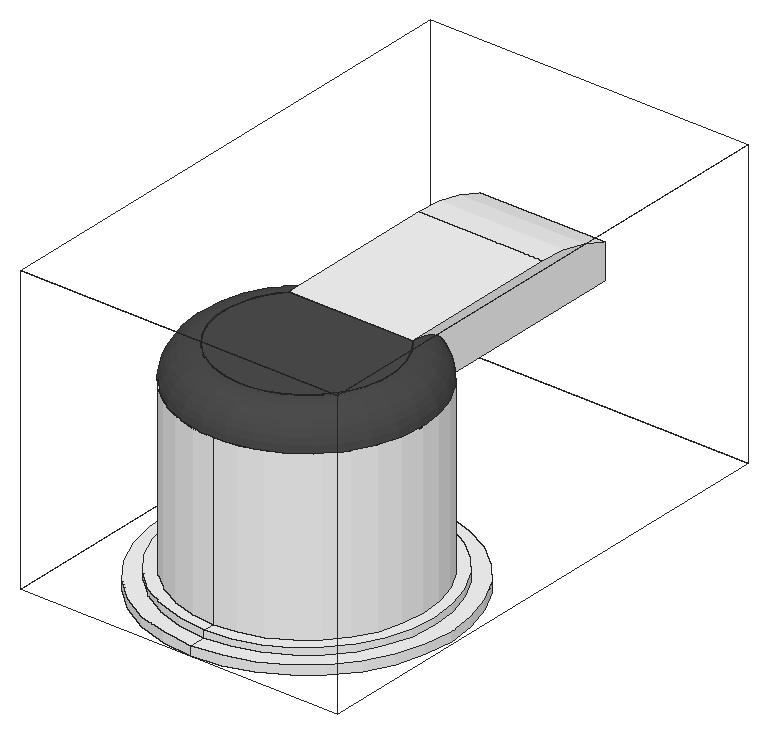
Revit family "Rax 200 U19 - Generic", category Lighting Fixtures, Revit 2014
Parameters (values of type "Rax 200 U19")
  Wattage Comments = ""
  WarrantyGuarantorParts = "n/a"
  WarrantyDurationParts = "n/a"
  WarrantyDescription = "n/a"
  Visible [instance] = yes
  Version = "v.1.0"
  Uniclass2 = "Pr_70_70_49_43 Light-Emitting Diode (LED) Luminaires"
  Uniclass 1.4 = "JY73"
  URL = "http://riegens.co.uk/rax-200-u19"
  Type Mark = ""
  Transformer Length = 230 mm
  TotalWattage = "Max. 17W / 23W / 31W"
  TagNumber = "n/a"
  Switch ID [instance] = ""
  SustainabilityPerformance = "n/a"
  SupplyCircuitConductorConnections = "n/a"
  Size = "Ø200 mm"
  Shape = "Circle"
  ProductInformation = "http://riegens.co.uk/rax-200-u19"
  PhotometricPerformance = "In accordance with BS EN 13032-1"
  PhaseReference = "IEC recommendations"
  Panel [instance] = ""
  Optic = "Satin-matt reflector"
  OmniClass Title = "Luminaries for Internal Lighting"
  OmniClass Number = "23.80.70.11"
  NominalVoltage = "220-240V"
  Moves With Nearby Elements [instance] = no
  ModelReference = "Rax 200 U19"
  Model = "Rax 200 U19"
  Material = "Galvanized steel, aluminium and flame retardant PC"
  Mark [instance] = "1"
  ManufacturersSpecificInformation = "n/a"
  ManufacturerURL = "www.riegens.com"
  Manufacturer = "Riegens A/S"
  LuminaireType = "Recessed Direct LED Luminaire"
  LuminairePowerFactor = ">0,9"
  LightSource = "LED 3000K / 4000K"
  LightFixturePlacingType = "Ceiling"
  LightFixtureMountingType = "Recessed"
  Light Source Definition (family) = "Circle+HemiSpherical"
  LampType = "LED"
  LampRating = "15W / 21W / 29W"
  LampColourRenderingIndex = "Ra>80 / Ra>90"
  Lamp = ""
  InternalFuse = "Only required in emergency versions"
  InsulationStandardClass = "Class 1"
  IfcExportType = "NOTDEFINED'"
  IfcExportAs = "IfcLightFixtureType'"
  IP_Code = "IP20"
  Height 1 = 160 mm
  HasProtectiveEarth = "TRUE"
  Grade = "n/a"
  Frame = Riegens_Aluminum_powder coated white gloss 25
  Finish = "Powder coated"
  Features = "n/a"
  Electrical Data [instance] = ""
  Documentation = "See URL hyperlink"
  DocumentReference = "See URL hyperlink"
  Diameter 1 = 223.038 mm
  Description = "70-80-35 General Lighting Systems"
  ControlGearPosition = "Integrated "
  Constituents = "n/a"
  Comments [instance] = ""
  Colour = "White, black, galvanized steel"
  built-in parameter 1114216 [instance] = (empty or 0)
  CodePerformance = "n/a"
  Clearance Zones = yes
  Circuit Number [instance] = ""
  built-in parameter 1140040 [instance] = (empty or 0)
  CCSTopnode = "L"
  CCSClassName = "Belysningsarmatur"
  CCSClassCode = "UAC"
  BarCode = "n/a"
  BallastsCELMAEnergyEfficiencyIndex = "Class A1/A2"
  BSAB 96 = "SNB.2"
  BIMObjectName = "Rax 200 U19.rfa"
  Author = "3dbyggeri"
  AssetType = "Moveable/Fixed"
  AssetIdentifier = "n/a"
  Assembly Description = ""
  Assembly Code = ""
  ArticleNumber = "See URL hyperlink"
  Apparent Load = 240 VA
  AccessibilityPerformance = "n/a"
Types (2, lengths in mm): name | WarrantyGuarantorParts | WarrantyDurationParts | WarrantyDescription | Version | Uniclass2 | Uniclass 1.4 | URL | Transformer Length | TotalWattage | TagNumber | SustainabilityPerformance | SupplyCircuitConductorConnections | Size | Shape | ProductInformation | PhotometricPerformance | PhaseReference | Optic | NominalVoltage | ModelReference | Model | Material | ManufacturersSpecificInformation | ManufacturerURL | Manufacturer | LuminaireType | LuminairePowerFactor | LightSource | LightFixturePlacingType | LightFixtureMountingType | LampType | LampRating | LampColourRenderingIndex | InternalFuse | InsulationStandardClass | IfcExportType | IfcExportAs | IP_Code | HasProtectiveEarth | Grade | Frame | Finish | Features | Documentation | DocumentReference | Description | ControlGearPosition | Constituents | Colour | CodePerformance | CCSTopnode | CCSClassName | CCSClassCode | BarCode | BallastsCELMAEnergyEfficiencyIndex | BSAB 96 | BIMObjectName | Author | AssetType | AssetIdentifier | ArticleNumber | AccessibilityPerformance
  Standard | "" | "" | "" | "" | "" | "" | 0 | 0 | "" | "" | "" | "" | "" | "" | "" | "" | "" | "" | "" | "" | 0 | "" | "" | "" | 0 | "" | "" | "" | "" | "" | "" | "" | "" | "" | "" | "" | "" | "" | "" | "" | none | "" | "" | "" | "" | 0 | "" | "" | "" | "" | "" | "" | "" | "" | "" | "" | "" | "" | "" | "" | "" | ""
  Rax 200 U19 | "n/a" | "n/a" | "n/a" | "v.1.0" | "Pr_70_70_49_43 Light-Emitting Diode (LED) Luminaires" | "JY73" | "http://riegens.co.uk/rax-200-u19" | 230 | "Max. 17W / 23W / 31W" | "n/a" | "n/a" | "n/a" | "Ø200 mm" | "Circle" | "http://riegens.co.uk/rax-200-u19" | "In accordance with BS EN 13032-1" | "IEC recommendations" | "Satin-matt reflector" | "220-240V" | "Rax 200 U19" | "Rax 200 U19" | "Galvanized steel, aluminium and flame retardant PC" | "n/a" | "www.riegens.com" | "Riegens A/S" | "Recessed Direct LED Luminaire" | ">0,9" | "LED 3000K / 4000K" | "Ceiling" | "Recessed" | "LED" | "15W / 21W / 29W" | "Ra>80 / Ra>90" | "Only required in emergency versions" | "Class 1" | "NOTDEFINED'" | "IfcLightFixtureType'" | "IP20" | "TRUE" | "n/a" | Riegens_Aluminum_powder coated white gloss 25 | "Powder coated" | "n/a" | "See URL hyperlink" | "See URL hyperlink" | "70-80-35 General Lighting Systems" | "Integrated " | "n/a" | "White, black, galvanized steel" | "n/a" | "L" | "Belysningsarmatur" | "UAC" | "n/a" | "Class A1/A2" | "SNB.2" | "Rax 200 U19.rfa" | "3dbyggeri" | "Moveable/Fixed" | "n/a" | "See URL hyperlink" | "n/a"
Reference planes
  plane 1 "Center (Front/Back)": y = 0
  plane 2: z = 0
  plane 3 "Center (Left/Right)": x = 0
Dimensions and locks
  aligned and locked: level to plane 2
Nested families
  nested 1: "Rax 200 U19 - Dummy" at (0, 0, 0), type "Standard"
Connectors
  electrical at (0, 227, 133.645)
    settings: on nested 1, index 1, voltage 0 V, apparent load 0 VA, apparent load phase1 0 VA, apparent load phase2 0 VA, apparent load phase3 0 VA, power factor 1, load classification "Other", number of poles 1, system type 31, power factor state 1, is connector primary yes, connector utility no, sub classification motor no, connector description ""
Definition of nested family "Rax 200 U19 - Dummy"
  Parameters (values of type "Standard")
    Wattage = 29 W
    WarrantyGuarantorParts = "n/a"
    WarrantyDurationParts = "n/a"
    WarrantyDescription = "n/a"
    built-in parameter 1150110 = 1 (stored number, unit not read)
    Version = "v.1.0"
    Uniclass2 = "Pr_70_70_49_43 Light-Emitting Diode (LED) Luminaires"
    Uniclass 1.4 = "JY73"
    URL = "http://riegens.co.uk/rax-200-u19"
    Transformer Length = 230 mm
    Transformer = Riegens_Aluminium_Powder coated white gloss 25
    TotalWattage = "Max. 17W / 23W / 31W"
    built-in parameter 1114217 = 1 (stored number, unit not read)
    Tilt Angle = 90.00°
    built-in parameter 1150109 = 1 (stored number, unit not read)
    built-in parameter 1150134 = 12
    TagNumber = "n/a"
    SustainabilityPerformance = "n/a"
    built-in parameter 1150113 = 1 (stored number, unit not read)
    SupplyCircuitConductorConnections = "n/a"
    Size = "Ø200 mm"
    Shape = "Circle"
    ProductInformation = "http://riegens.co.uk/rax-200-u19"
    PhotometricPerformance = "In accordance with BS EN 13032-1"
    Photometric Web File = "RaX 200 U19 29W LED 4000K R-SM.ies"
    PhaseReference = "IEC recommendations"
    Optics = Riegens_Satin-matt
    Optic = "Satin-matt reflector"
    NominalVoltage = "220-240V"
    ModelReference = "Rax 200 U19"
    Model = "Rax 200 U19"
    Material = "Galvanized steel, aluminium and flame retardant PC"
    ManufacturersSpecificInformation = "n/a"
    ManufacturerURL = "www.riegens.com"
    Manufacturer = "Riegens A/S"
    built-in parameter 1150105 = 221.54 (stored number, unit not read)
    Lumens = 2784 lm
    LuminaireType = "Recessed Direct LED Luminaire"
    LuminairePowerFactor = ">0,9"
    built-in parameter 1150115 = 1 (stored number, unit not read)
    LightSource = "LED 3000K / 4000K"
    LightFixturePlacingType = "Ceiling"
    LightFixtureMountingType = "Recessed"
    built-in parameter 1150137 = (empty or 0)
    built-in parameter 1150139 = (empty or 0)
    LampType = "LED"
    LampRating = "15W / 21W / 29W"
    LampColourRenderingIndex = "Ra>80 / Ra>90"
    built-in parameter 1150112 = 1 (stored number, unit not read)
    built-in parameter 1150114 = 1 (stored number, unit not read)
    InternalFuse = "Only required in emergency versions"
    InsulationStandardClass = "Class 1"
    built-in parameter 1150132 = (empty or 0)
    built-in parameter 1150102 = (empty or 0)
    built-in parameter 1150107 = 4000 (stored number, unit not read)
    built-in parameter 1150138 = (empty or 0)
    built-in parameter 1150106 = 2.2154 (stored number, unit not read)
    IfcExportType = "NOTDEFINED'"
    IfcExportAs = "IfcLightFixtureType'"
    IP_Code = "IP20"
    Housing = Riegens_Aluminium_Powder coated white gloss 25
    Height 1 = 160 mm
    HasProtectiveEarth = "TRUE"
    Grade = "n/a"
    Frame = Riegens_Aluminium_Powder coated white gloss 25
    Finish = "Powder coated"
    Features = "n/a"
    built-in parameter 1150104 = 8.9187 (stored number, unit not read)
    Documentation = "See URL hyperlink"
    DocumentReference = "See URL hyperlink"
    Dimming Lamp Color Temperature Shift = (empty or 0)
    Diameter 1 = 223.038 mm
    Description = "70-80-35 General Lighting Systems"
    ControlGearPosition = "Integrated "
    Constituents = "n/a"
    Colour = "White, black, galvanized steel"
    Color Filter = 16777215
    CodePerformance = "n/a"
    Clearance Zones = yes
    CCSTopnode = "L"
    CCSClassName = "Belysningsarmatur"
    CCSClassCode = "UAC"
    BarCode = "n/a"
    BallastsCELMAEnergyEfficiencyIndex = "Class A1/A2"
    built-in parameter 1114218 = 1 (stored number, unit not read)
    BSAB 96 = "SNB.2"
    BIMObjectName = "Rax 200 U19.rfa"
    Author = "3dbyggeri"
    built-in parameter 1150133 = 10 (stored number, unit not read)
    AssetType = "Moveable/Fixed"
    AssetIdentifier = "n/a"
    ArticleNumber = "See URL hyperlink"
    Apparent Load = 240 VA
    AccessibilityPerformance = "n/a"
  Reference planes
    plane 1 "Light Source Axis (F/B)": y = 0
    plane 2: z = 0
    plane 3 "Light Source Axis (L/R)": x = 0
    plane 4 "Ceiling": z = 0
    plane 5 "Light Source Elevation": z = -7
    plane 6: z = -7
    plane 7: z = 5.2
    plane 8: z = 160
    plane 9: y = 227
    plane 10: z = -5
    plane 11: z = -3
    plane 12: x = -48
    plane 13: x = 48
    plane 14: z = 120
    plane 15: z = 220
    plane 16: y = -87
    plane 17: y = -99.002
    plane 18: y = -111.519
  Forms (mm)
    Revolve 1, solid, material "Riegens_Aluminium_Powder coated white gloss 25" <- "Housing"
      sketch origin (0, 0, -4000) x (0, 1, 0) y (0, 0, 1)
        loop
          line (-90, 4134.038) -> (-90, 4005.2) -> (-88, 4005.2) -> (-7.783, 4051.513) -> (0, 4051.513) -> (0, 4134.038) -> (-90, 4134.038)
        axis (0, 4134.038) -> (0, 4005.2)
      angle from 0 to 360
    Extrusion 2, solid, material "Riegens_Aluminium_Powder coated white gloss 25" <- "Housing"
      sketch origin (0, 0, -4010) x (0, 1, 0) y (0, 0, 1)
        loop
          line (42.332, 4130) -> (227, 4130) -> (227, 4157.29)
          arc (227, 4157.29) -> (198.006, 4166.787) -> (167.666, 4170) r 144.853
          line (167.666, 4170) -> (42.332, 4170) -> (42.332, 4130)
      from -48 to 48
    Sweep 3, solid, material "Riegens_Aluminum_powder coated black"
      path origin (0, 0, -7) x (-1, 0, 0) y (0, -1, 0)
        loop
          arc (-48, -77.057) -> (0, 90.784) -> (48, -77.057) r 90.784
      profile origin (0, -90.784, -7) x (0, -1, 0) y (0, 0, 1)
        loop
          arc (-0.784, 141.038) -> (-8.399, 159.422) -> (-26.784, 167.038) r 26
          line (-26.784, 167.038) -> (-26.784, 141.038) -> (-0.784, 141.038)
    Extrusion 4, void
      sketch origin (0, 0, 0) x (1, 0, 0) y (0, 1, 0)
        loop
          line (-48, 78.509) -> (-48, 39.064) -> (48, 39.064) -> (48, 78.509) -> (-48, 78.509)
      from 134.038 to 170.638
    Extrusion 5, solid, material "Riegens_Aluminum_powder coated black"
      sketch origin (0, 0, 0) x (1, 0, 0) y (0, 1, 0)
        loop
          arc (-48, 42.332) -> (0, -64) -> (48, 42.332) r 64
          line (48, 42.332) -> (-48, 42.332)
      from 134.038 to 160
    Extrusion 6, solid, material "Clearance Zones", visible <- "Clearance Zones"
      sketch origin (0, 0, 0) x (1, 0, 0) y (0, 1, 0)
        loop
          line (-122.877, 272.666) -> (-122.877, -122.334) -> (122.123, -122.334) -> (122.123, 272.666) -> (-122.877, 272.666)
      from 0 to 220
    Revolve 7, solid, material "Riegens_Satin-matt" <- "Optics"
      sketch origin (0, 0, 0) x (0, 1, 0) y (0, 0, 1)
        loop
          line (-88, 5.2) -> (-87, 5.2) -> (-8.445, 50.554) -> (0, 50.554) -> (0, 51.513) -> (-7.783, 51.513) -> (-88, 5.2)
        axis (0, 51.513) -> (0, 5.2)
      angle from 0 to 360
    Revolve 8, solid, material "Riegens_Aluminium_Powder coated white gloss 25" <- "Frame"
      sketch origin (0, 0, 0) x (0, 1, 0) y (0, 0, 1)
        loop
          line (-87, 5.2) -> (-99.002, 5.2) -> (-99.002, 0) -> (-111.519, 0) -> (-111.519, -7) -> (-87, -7) -> (-87, 5.2)
        axis (0, 5.2) -> (0, -7)
      angle from 0 to 360
  Cuts and joins
    Extrusion 4 cuts Sweep 3
    joined: Revolve 1, Extrusion 2
  Lines and regions (mm)
    Opening 1
      outline origin (0, 0, 0) x (1, 0, 0) y (0, 1, 0)
        loop
          circle (0, 0) r 99.002
    model lines
      curve 1: line (-48, 167.666, 160) -> (48, 167.666, 160)
  Dimensions and locks
    equal spacing: host sketch curve, plane 3 "Light Source Axis (L/R)", host sketch curve
    equal spacing: host sketch curve, plane 1 "Light Source Axis (F/B)", host sketch curve
    host sketch curve to host sketch curve = 4000 mm  (x2)
    locked: plane 4 "Ceiling" to host ceiling at 0
    "Height 1": plane 8 to level
    equal spacing: plane 12, plane 3 "Light Source Axis (L/R)", plane 13
    locked: plane 12 to plane 13 at 96
    locked: plane 8 to plane 14 at 40
    aligned and locked: Extrusion 2 to curve 1  (x2)
    aligned and locked: plane 15 to Extrusion 6
  Automatic sketch dimensions
    Extrusion 2 sketch curve to plane 8 = 0 mm
    Extrusion 2 sketch curve to plane 9 = 0 mm
    plane 7 to Extrusion 2 sketch curve = 9.947 mm
    curve 1 to plane 9 = 59.334 mm
    Extrusion 2 sketch curve to plane 1 "Light Source Axis (F/B)" = 42.332 mm
    Extrusion 2 sketch curve to plane 9 = 59.334 mm
    Extrusion 2 sketch curve to Extrusion 2 sketch curve = 27.29 mm
    Opening 1 sketch curve to plane 3 "Light Source Axis (L/R)" = 0 mm
    plane 1 "Light Source Axis (F/B)" to Opening 1 sketch curve = 0 mm
    Sweep 3 sketch curve to plane 13 = 0 mm
    plane 1 "Light Source Axis (F/B)" to Sweep 3 sketch curve = 0 mm
    Sweep 3 sketch curve to plane 3 "Light Source Axis (L/R)" = 0 mm
    Sweep 3 sketch curve to plane 12 = 0 mm
    Extrusion 4 sketch curve to plane 12 = 0 mm
    Extrusion 4 sketch curve to plane 13 = 0 mm
    Extrusion 4 sketch curve to plane 1 "Light Source Axis (F/B)" = 39.064 mm
    profile plane to Sweep 3 sketch curve = 0.784 mm
    profile plane to Sweep 3 sketch curve = 26.784 mm
    Sweep 3 sketch curve to plane 5 "Light Source Elevation" = 141.038 mm
    Extrusion 5 sketch curve to plane 12 = 0 mm
    plane 1 "Light Source Axis (F/B)" to Extrusion 5 sketch curve = 0 mm
    Extrusion 5 sketch curve to plane 3 "Light Source Axis (L/R)" = 0 mm
    Extrusion 5 sketch curve to plane 1 "Light Source Axis (F/B)" = 42.332 mm
    plane 1 "Light Source Axis (F/B)" to Opening 1 sketch curve = 99.002 mm
    Sweep 3 sketch curve to plane 1 "Light Source Axis (F/B)" = 77.057 mm
    Extrusion 4 sketch curve to Extrusion 4 sketch curve = 39.444 mm
    plane 12 to Extrusion 6 sketch curve = 74.877 mm
    plane 13 to Extrusion 6 sketch curve = 74.123 mm
    plane 1 "Light Source Axis (F/B)" to Extrusion 6 sketch curve = 122.334 mm
    plane 9 to Extrusion 6 sketch curve = 45.666 mm
    Revolve 1 sketch curve to plane 7 = 0 mm
    Revolve 1 sketch curve to plane 1 "Light Source Axis (F/B)" = 0 mm  (x2)
    Revolve 1 sketch curve to plane 5 "Light Source Elevation" = 58.513 mm
    Revolve 1 sketch curve to plane 16 = 1 mm
    Revolve 1 sketch curve to plane 16 = 3 mm
    plane 14 to Revolve 1 sketch curve = 14.038 mm
    plane 1 "Light Source Axis (F/B)" to Revolve 1 sketch curve = 7.783 mm
    plane 7 to Revolve 1 sketch curve = 46.313 mm
    Revolve 1 sketch curve to Revolve 1 sketch curve = 0 mm
    Revolve 7 sketch curve to plane 7 = 0 mm
    Revolve 7 sketch curve to plane 1 "Light Source Axis (F/B)" = 0 mm  (x2)
    plane 1 "Light Source Axis (F/B)" to Revolve 7 sketch curve = 7.783 mm
    Revolve 7 sketch curve to Revolve 7 sketch curve = 0.662 mm
    Revolve 7 sketch curve to plane 16 = 0 mm
    Revolve 7 sketch curve to Revolve 7 sketch curve = 1 mm
    plane 7 to Revolve 7 sketch curve = 45.354 mm
    Revolve 7 sketch curve to Revolve 7 sketch curve = 0.96 mm
    plane 7 to Revolve 7 sketch curve = 20.56 mm
    Revolve 7 sketch curve to Revolve 7 sketch curve = 31.623 mm
    plane 5 "Light Source Elevation" to Revolve 8 sketch curve = 0 mm
    Revolve 8 sketch curve to plane 18 = 0 mm
    Revolve 8 sketch curve to plane 7 = 0 mm
    Revolve 8 sketch curve to plane 17 = 0 mm
    Revolve 8 sketch curve to plane 16 = 0 mm
    Revolve 8 sketch curve to plane 1 "Light Source Axis (F/B)" = 0 mm
    Revolve 8 sketch curve to level = 0 mm
    plane 5 "Light Source Elevation" to Revolve 8 sketch curve = 15.273 mm
    plane 7 to Revolve 8 sketch curve = 12.527 mm
  Connectors
    electrical at (0, 227, 133.645)
      settings: on Extrusion 2, index 1, voltage 0 V, apparent load 0 VA, apparent load phase1 0 VA, apparent load phase2 0 VA, apparent load phase3 0 VA, power factor 1, load classification "Other", number of poles 1, system type 31, power factor state 1, is connector primary yes, connector utility no, sub classification motor no, connector description ""
